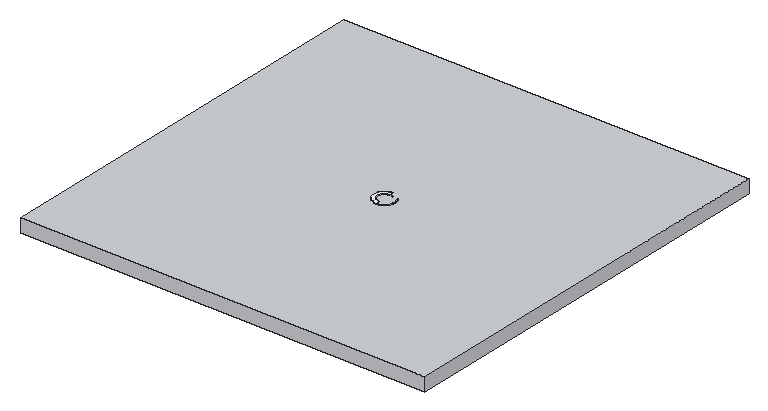
Revit family
Parameters (values of type "5" Strainer - 2" Drain")
  WFU = 0
  URL = "WWW.MIFAB.COM"
  Strainer Diameter = 5.000"
  Strainer Adjustment [instance] = 1.500"
  Pipe Radius = Pipe Diameter / 2  # 1.000"
  Pipe Diameter = 2.000"
  Model = "F1100-C-HG"
  Manufacturer = "MIFAB"
  Floor Drain Material = Paint - Sherwin Williams Paint - #952C2A - Bellwood Red
  Domestic Cold Water Radius = 0.250"
  Domestic Cold Water Diameter = Domestic Cold Water Radius * 2  # 0.500"
  Description = "FLOOR DRAIN WITH ROUND ADJUSTABLE HINGED STRAINER"
  Default Elevation = 0.000"
  CWFU = 0
  Body Height = 3.375"
  Assembly Code = ""
Types (16): name | URL | Strainer Diameter | Strainer Adjustment | Pipe Radius | Pipe Diameter
  (no name) | "WWW.MIFAB.COM" | 5.000" | 1.500" | 1.000" | 2.000"
  8" Strainer - 2" Drain | "WWW.MIFAB.COM" | 8.000" | 2.250" | 1.000" | 2.000"
  8" Strainer - 3" Drain | "WWW.MIFAB.COM" | 8.000" | 2.250" | 1.500" | 3.000"
  8" Strainer - 4" Drain | "WWW.MIFAB.COM" | 8.000" | 2.250" | 2.000" | 4.000"
  8" Strainer - 5" Drain | "WWW,MIFAB.COM" | 8.000" | 2.250" | 2.500" | 5.000"
  8" Strainer - 6" Drain | "WWW.MIFAB.COM" | 8.000" | 2.250" | 3.000" | 6.000"
  7" Strainer - 2" Drain | "WWW.MIFAB.COM" | 7.000" | 1.560" | 1.000" | 2.000"
  5" Strainer - 2" Drain | "WWW.MIFAB.COM" | 5.000" | 1.500" | 1.000" | 2.000"
  7" Strainer - 3" Drain | "WWW.MIFAB.COM" | 7.000" | 1.560" | 1.500" | 3.000"
  5" Strainer - 3" Drain | "WWW.MIFAB.COM" | 5.000" | 1.500" | 1.500" | 3.000"
  7" Strainer - 4" Drain | "WWW.MIFAB.COM" | 7.000" | 1.560" | 2.000" | 4.000"
  5" Strainer - 4" Drain | "WWW.MIFAB.COM" | 5.000" | 1.500" | 2.000" | 4.000"
  7" Strainer - 5" Drain | "WWW.MIFAB.COM" | 7.000" | 1.560" | 2.500" | 5.000"
  5" Strainer - 5" Drain | "WWW.MIFAB.COM" | 5.000" | 1.500" | 2.500" | 5.000"
  7" Strainer - 6" Drain | "WWW.MIFAB.COM" | 7.000" | 1.560" | 3.000" | 6.000"
  5" Strainer - 6" Drain | "WWW.MIFAB.COM" | 5.000" | 1.500" | 3.000" | 6.000"
Reference planes (in)
  plane 1 "Center (Front/Back)": y = 0
  plane 2: z = 0
  plane 3 "Center (Left/Right)": x = 0
  plane 4: y = -2.5
  plane 5: y = 2.5
  plane 6: y = 4
  plane 7: y = -4
  plane 8: y = -1
  plane 9: y = 1
  plane 10: y = -4.075
  plane 11: y = 4.075
  plane 12: z = -1.5
  plane 13: z = -4.875
  plane 14: z = -1.125
Forms (in)
  Extrusion 1, solid
    sketch origin (0, 0, 0) x (1, 0, 0) y (0, 1, 0)
      loop
        line (-48, 48) -> (-48, -48) -> (48, -48) -> (48, 48) -> (-48, 48)
    from 0 to -3.22361
  Revolve 2, solid, material "Paint - Sherwin Williams Paint - #952C2A - Bellwood Red" <- "Floor Drain Material"
    sketch origin (0, 0.04396, 0) x (0, 1, 0) y (0, 0, 1)
      loop
        line (-3.29244, -1.5) -> (-4.04396, -1.5) -> (-4.04396, -1.76) -> (-3.55244, -1.76) -> (-3.55244, -3.41494) -> (-1.19396, -4.0469) -> (-1.19396, -4.875) -> (-1.04396, -4.875) -> (-1.04396, -3.9098) -> (-3.29244, -3.30732) -> (-3.29244, -1.5)
      axis (-0.04396, -1.5) -> (-0.04396, -4.875)
    angle from 0 to 360
  Revolve 3, solid, material "Paint - Sherwin Williams Paint - #952C2A - Bellwood Red" <- "Floor Drain Material"
    sketch origin (0, 0, 0) x (0, 1, 0) y (0, 0, 1)
      loop
        line (-4, -1.5) -> (-1.74848, -1.5) -> (-1.74848, -1.125) -> (-1.87348, -1.125) -> (-1.87348, -1.25) -> (-4, -1.25) -> (-4, -1.5)
      axis (0, -1.125) -> (0, -1.5)
    angle from 0 to 360
  Revolve 4, solid, material "Paint - Sherwin Williams Paint - #952C2A - Bellwood Red" <- "Floor Drain Material"
    sketch origin (0, 0.15, 0) x (0, 1, 0) y (0, 0, 1)
      loop
        line (-1.75, -1.76) -> (-1.75, 0) -> (-2.65, 0) -> (-2.65, -0.35) -> (-2.3375, -0.35) -> (-2.3375, -0.975) -> (-1.89848, -0.975) -> (-1.89848, -1.76) -> (-1.75, -1.76)
      axis (-0.15, 0) -> (-0.15, -1.76)
    angle from 0 to 360
  Extrusion 5, solid, material "Paint - Sherwin Williams Paint - #952C2A - Bellwood Red" <- "Floor Drain Material"
    sketch origin (0, 0, 0) x (1, 0, 0) y (0, 1, 0)
      loop
        circle (0, 0) r 2.6
    from -0.22031 to 0
  Revolve 6, solid, material "Paint - Sherwin Williams Paint - #952C2A - Bellwood Red" <- "Floor Drain Material"
    sketch origin (0, 0, 0) x (0, 1, 0) y (0, 0, 1)
      loop
        line (4.51335, -2.45141) -> (4.51335, -2.20141) -> (4.13532, -2.20141) -> (4.01027, -2.07637) -> (3.19777, -2.07637) -> (3.19777, -2.45141) -> (4.51335, -2.45141)
      axis (3.19777, -2.45141) -> (4.51335, -2.45141)
    angle from 0 to 360
Lines and regions (in)
  symbolic lines
    curve 1: circle (0, 0, 0) r 4 normal (0, 0, 1)
Dimensions and locks (in)
  equal spacing: plane 5, plane 1 "Center (Front/Back)", plane 4
  "Strainer Diameter": plane 5 to plane 4
  equal spacing: plane 6, plane 1 "Center (Front/Back)", plane 7
  plane 6 to plane 7 = 8.000"
  equal spacing: plane 9, plane 1 "Center (Front/Back)", plane 8
  "Pipe Diameter": plane 9 to plane 8
  "Pipe Radius": plane 1 "Center (Front/Back)" to plane 8
  equal spacing: plane 11, plane 1 "Center (Front/Back)", plane 10
  plane 11 to plane 10 = 8.150"
  "Strainer Adjustment": level to plane 12
  "Body Height": plane 12 to plane 13
  locked: plane 8 to Revolve 2 sketch curve at 0.15
  locked: Revolve 3 sketch curve to Revolve 3 sketch curve at 0.125
  Revolve 4 sketch curve to Revolve 4 sketch curve to Revolve 4 sketch curve to plane 4 = 0.14848", 0.43902", 0.3125"
  Revolve 2 sketch curve to Revolve 2 sketch curve to plane 7 = 0.260", 0.49152"
  plane 12 to Revolve 6 sketch curve to Revolve 6 sketch curve to Revolve 6 sketch curve = 0.57637", 0.12504", 0.250"
  Revolve 6 sketch curve to Revolve 6 sketch curve to Revolve 6 sketch curve to Revolve 2 to Revolve 6 sketch curve = 0.37803", 0.12504", 0.7618", 0.0507"
  aligned and locked: plane 2 to Extrusion 1
  aligned and locked: level to Extrusion 1
  aligned and locked: Revolve 4 sketch curve to plane 1 "Center (Front/Back)"
  aligned and locked: Revolve 2 to Revolve 3 sketch curve
  aligned and locked: plane 7 to Revolve 2 sketch curve
  aligned: Revolve 3 to Revolve 4  (x2)
  aligned and locked: Revolve 2 sketch curve to plane 8
  aligned and locked: Revolve 4 sketch curve to level
  aligned and locked: Revolve 4 sketch curve to plane 4
  aligned and locked: level to Extrusion 5
  aligned and locked: plane 13 to Revolve 2 sketch curve
  aligned and locked: Revolve 2 sketch curve to plane 12
  aligned and locked: plane 14 to Revolve 3 sketch curve
  aligned and locked: Revolve 6 sketch curve to Revolve 6 sketch curve
  aligned and locked: Revolve 4 to Revolve 3 sketch curve
  aligned and locked: Revolve 2 to Revolve 4 sketch curve
Automatic sketch dimensions
  Extrusion 1 sketch curve to Extrusion 1 sketch curve = 96.000"  (x2)
  Revolve 3 sketch curve to plane 1 "Center (Front/Back)" = 0.000"
  Revolve 3 sketch curve to plane 12 = 0.000"
  Revolve 3 sketch curve to level = 0.000"
  Revolve 3 sketch curve to Revolve 3 sketch curve = 0.250"
  plane 12 to Revolve 3 sketch curve = 0.16677"
  plane 12 to Revolve 4 sketch curve = 0.2446"
  level to Revolve 4 sketch curve = 1.19115"
  Revolve 6 sketch curve to Revolve 6 sketch curve = 0.04688"
  plane 11 to Revolve 6 sketch curve = 0.83728"
  Revolve 2 sketch curve to plane 1 "Center (Front/Back)" = 0.000"
  plane 13 to Revolve 2 sketch curve = 0.000"
  Revolve 2 sketch curve to Revolve 2 sketch curve = 0.8281"
  Revolve 2 sketch curve to Revolve 2 sketch curve = 0.1371"
  plane 13 to Revolve 2 sketch curve = 1.46006"
  Revolve 2 sketch curve to Revolve 2 sketch curve = 0.10762"
  Revolve 2 sketch curve to plane 12 = 0.260"
  Revolve 2 sketch curve to plane 12 = 0.250"
  plane 1 "Center (Front/Back)" to curve 1 = 0.000"
  curve 1 to plane 3 "Center (Left/Right)" = 0.000"
  Revolve 4 sketch curve to Revolve 4 sketch curve = 0.625"
  Revolve 4 sketch curve to level = 0.975"
  radius of curve 1 = 4.000"
Connectors (in)
  piping at (0, 0, -4.875), driven by "Pipe Radius", driven by "WFU"
    settings: on Revolve 2, index 2, connector radius 1", flow factor 0, pipe flow 0 GPM, pressure drop 0.00 psi, fitting loss kfactor 0, connector angle 0.00°, fixture units 0, flow configuration 3, flow direction 2, fitting loss method 0, system type 16, connector reference index -1, connector utility 0, adjustable connector no, is connector primary yes, fitting loss table "", connector description "Sanitary Out"
  piping at (0, 4.51335, -2.45141), driven by "CWFU", driven by "Domestic Cold Water Radius"
    settings: on Revolve 6, index 3, connector radius 1/4", flow factor 0, pipe flow 0 GPM, pressure drop 0.00 psi, fitting loss kfactor 0, connector angle 0.00°, fixture units 0, flow configuration 3, flow direction 1, fitting loss method 0, system type 20, connector reference index -1, connector utility 0, adjustable connector no, is connector primary no, fitting loss table "", connector description "Domestic Cold Water In"
